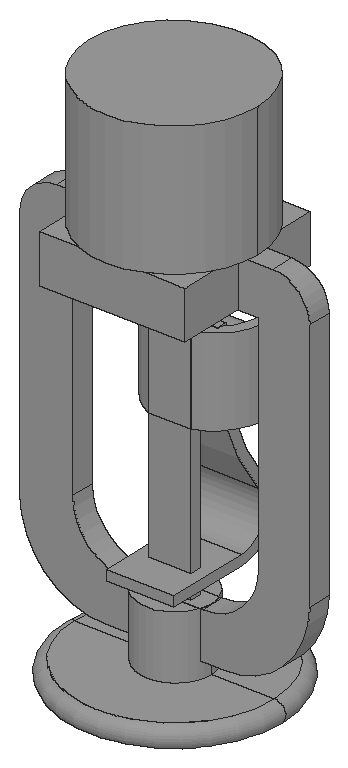
Revit family
Parameters (values of type "RASCO G PENDENT")
  Temperature Rating = 165 °F
  Response = (empty or 0)
  RASCO SIN # = "R1023"
  RASCO Part # = "GP17C"
  Pressure Rating = "175 PSI"
  Pressure Class = (empty or 0)
  Orifice Size = 7/16"
  Orifice = (empty or 0)
  Model = "G"
  Manufacturer = "RASCO"
  K-Factor = 4.24
  Description = "Chrome Finish"
  Coverage = (empty or 0)
Reference planes (in)
  plane 1 "Center (Front/Back)": y = 0
  plane 2: z = 0
  plane 3 "Center (Left/Right)": x = 0
Dimensions and locks (in)
  aligned and locked: plane 2 to level
Nested families (in)
  nested 1: "GP17C" at (-0.0055, 0, 2.90771) x (-1, 0, 0) z (0, 0, -1), type "RASCO G PENDENT"
Connectors (in)
  piping at (-0.0055, 0, 2.90771)
    settings: on nested 1, index 1, connector radius 0.45", flow factor 0, pipe flow 0 GPM, pressure drop 0.00 psi, fitting loss kfactor 0, connector angle 0.00°, fixture units 0, flow configuration 0, flow direction 0, fitting loss method 0, system type 7, connector reference index -1, connector utility 0, adjustable connector no, is connector primary yes, fitting loss table "", connector description ""
Definition of nested family "GP17C"
  Parameters (values of type "RASCO G PENDENT")
    Type Comments = ""
    Temperature Rating = 0 °F
    Response = (empty or 0)
    Pressure Rating = "0"
    Pressure Class = (empty or 0)
    Orifice Size = 0"
    Orifice = (empty or 0)
    Model = ""
    Manufacturer = ""
    K-Factor = 0
    Description = ""
    Coverage = (empty or 0)
    Assembly Code = ""
  Reference planes (in)
    plane 1 "Center (Front/Back)": y = 0
    plane 2: z = 0
    plane 3 "ref.2": z = 0.6875
    plane 4 "ref.3": z = 0.9375
    plane 5: x = -0.38065
    plane 6: x = 0.36935
    plane 7 "ref. side 1": y = 0.06402
    plane 8 "ref. side 2": y = -0.06098
    plane 9 "ref.4": z = 1.875
    plane 10 "ref.5": z = 2.875
    plane 11 "center": x = -0.00574
  Forms (in)
    Extrusion 1, solid, material "Default"
      sketch origin (0, 0, 0) x (1, 0, 0) y (0, 1, 0)
        loop
          circle (0, 0) r 0.438
      from 0 to 0.6875
    Extrusion 2, solid, material "Default"
      sketch origin (-0.12185, 0.05177, 0.6875) x (1, 0, 0) y (0, 1, 0)
        loop
          line (-0.2588, 0.356) -> (-0.2588, -0.4565) -> (0.4912, -0.4565) -> (0.4912, 0.356) -> (-0.2588, 0.356)
      from 0 to 0.25
    Extrusion 3, solid, material "Default"
      sketch origin (0, 0, 0) x (1, 0, 0) y (0, 0, 1)
        loop
          line (-0.49248, 0.9375) -> (-0.49248, 2.10276)
          arc (-0.49248, 2.10276) -> (-0.40724, 2.30855) -> (-0.20145, 2.39379) r 0.29103
          line (-0.20145, 2.39379) -> (0.18108, 2.39379)
          arc (0.18108, 2.39379) -> (0.38905, 2.30765) -> (0.47519, 2.09969) r 0.29411
          line (0.47519, 2.09969) -> (0.47519, 0.9375) -> (0.36935, 0.9375) -> (0.36935, 0.6875) -> (0.55741, 0.6875)
          arc (0.55741, 0.6875) -> (0.69165, 0.7431) -> (0.74725, 0.87734) r 0.18984
          line (0.74725, 0.87734) -> (0.74725, 2.19113)
          arc (0.74725, 2.19113) -> (0.61669, 2.50631) -> (0.3015, 2.63687) r 0.44574
          line (0.3015, 2.63687) -> (-0.30719, 2.63687)
          arc (-0.30719, 2.63687) -> (-0.62225, 2.50637) -> (-0.75275, 2.19131) r 0.44556
          line (-0.75275, 2.19131) -> (-0.75275, 0.87876)
          arc (-0.75275, 0.87876) -> (-0.69673, 0.74352) -> (-0.56149, 0.6875) r 0.19126
          line (-0.56149, 0.6875) -> (-0.38065, 0.6875) -> (-0.38065, 0.9375) -> (-0.49248, 0.9375)
      from -0.06402 to 0.06098
    Extrusion 4, solid, material "Default"
      sketch origin (-0.00199, 0, 2.4375) x (-1, 0, 0) y (0, -1, 0)
        loop
          circle (0.00574, -0.00152) r 0.1875
      from -0.04371 to 0.4375
    Revolve 5, solid, material "Default"
      sketch origin (-0.0011, 0, 0.30638) x (1, 0, 0) y (0, 0, 1)
        loop
          line (-0.00574, 2.41507) -> (-0.00574, 2.52719) -> (-0.52401, 2.52719)
          arc (-0.52401, 2.52719) -> (-0.58007, 2.47113) -> (-0.52401, 2.41507) r 0.05606
          line (-0.52401, 2.41507) -> (-0.00574, 2.41507)
        axis (-0.00574, 2.41507) -> (-0.00574, 2.52719)
      angle from 0 to 360
    Extrusion 6, solid, material "Default"
      sketch origin (0, 0, 0.9375) x (-1, 0, 0) y (0, -1, 0)
        loop
          line (-0.10175, -0.02852) -> (0.11324, -0.02852) -> (0.11324, 0.03101) -> (-0.10175, 0.03101) -> (-0.10175, -0.02852)
      from 0 to 1.45629
    Extrusion 7, solid, material "Default"
      sketch origin (-0.00574, -0.0095, -0.07537) x (0, 0, -1) y (0, -1, 0)
        loop
          line (-2.39379, 0.21198) -> (-2.39379, -0.229)
          arc (-2.39379, -0.229) -> (-2.26956, -0.41579) -> (-2.04926, -0.37342) r 0.20254
          arc (-2.04926, -0.37342) -> (-1.6599, -0.16721) -> (-1.22163, -0.12207) r 1.15319
          line (-1.22163, -0.12207) -> (-1.22163, -0.07087)
          arc (-1.22163, -0.07087) -> (-1.6782, -0.11947) -> (-2.0834, -0.33544) r 1.20419
          arc (-2.0834, -0.33544) -> (-2.24878, -0.36919) -> (-2.34279, -0.229) r 0.15154
          line (-2.34279, -0.229) -> (-2.34279, 0.21198) -> (-2.39379, 0.21198)
      from -0.17255 to 0.17398
    Extrusion 8, solid, material "Default"
      sketch origin (0, 0, 0) x (1, 0, 0) y (0, 1, 0)
        loop
          arc (0.23993, 0.23051) -> (0.19768, 0.11115) -> (0.10175, 0.02852) r 0.24647
          line (0.10175, 0.02852) -> (-0.11324, 0.02852)
          arc (-0.11324, 0.02852) -> (-0.21767, 0.12447) -> (-0.25194, 0.2621) r 0.24647
          line (-0.25194, 0.2621) -> (-0.25194, 0.40777) -> (-0.30719, 0.40777) -> (-0.30719, 0.25942)
          arc (-0.30719, 0.25942) -> (-0.25653, 0.08328) -> (-0.11324, -0.03101) r 0.30157
          line (-0.11324, -0.03101) -> (0.10175, -0.03101)
          arc (0.10175, -0.03101) -> (0.24461, 0.08262) -> (0.29574, 0.25785) r 0.30157
          line (0.29574, 0.25785) -> (0.29574, 0.40777) -> (0.23993, 0.40777) -> (0.23993, 0.23051)
      from 1.14626 to 1.59756
    Extrusion 9, solid, material "Default"
      sketch origin (-0.00574, -0.0095, -0.07537) x (0, 0, -1) y (0, -1, 0)
        loop
          circle (-1.44728, -0.26892) r 0.13147
      from -0.24568 to 0.24619
  Cuts and joins
    joined: Extrusion 1, Extrusion 2, Revolve 5
  Dimensions and locks (in)
    plane 10 "ref.5" to level = 2.875"
